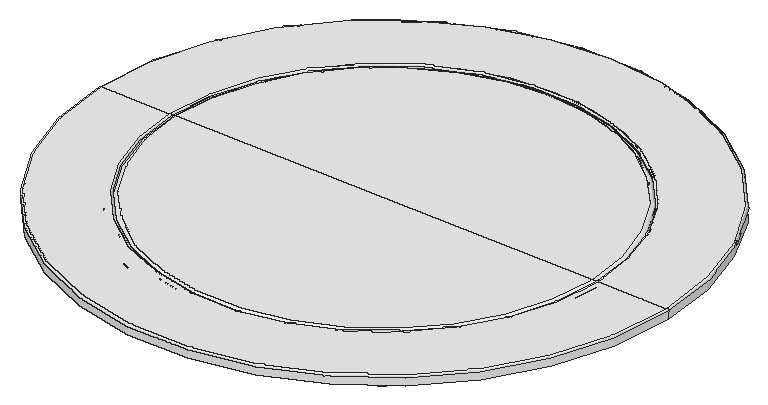
Revit family "HydroTap_Accessory_Zip_Font_Standalone", category Plumbing Fixtures, Revit 2018
Family settings
  Round Connector Dimension = Use Diameter
  Part Type = Normal
  OmniClass Number = 23.45.55.11
  OmniClass Title = Sanitary Components
  Work Plane-Based = Yes
  Always vertical = Yes
  Cut with Voids When Loaded = No
  Shared = No
  Room Calculation Point = No
Parameters (values of type "Brushed Chrome (Z01)")
  Waste Connection = yes
  Vent Connection = no
  Uniclass2015Version = "Products v1.17"
  Uniclass2015Title = "Instant boiling and cold water taps"
  Uniclass2015Code = "Pr_40_70_23_42"
  URL = "https://www.zipwater.com/"
  Type Comments = "Brushed Chrome Finish"
  ModifiedIssue = 20210406
  Model = "Z01"
  ManufacturerURLProductSpecific = "https://www.zipwater.com/shop/hydrotap-accessories"
  ManufacturerSpecCode = "93441Z01"
  ManufacturerOverallWidth = 176 mm  # constant formula
  ManufacturerOverallHeight = 52 mm  # constant formula
  ManufacturerOverallDepth = 176 mm  # constant formula
  ManufacturerHeightFromFFL [instance] = 0 mm
  Manufacturer = "Zip Australia"
  IfcExportType = "NOTDEFINED"
  IfcExportAs = "IfcWasteTerminal"
  HW Connection = no
  FixtureMaterial = Metal_BrushedChrome_Zip
  Description = "Standalone Font for Design Range Drinking Taps"
  Default Elevation = 0 mm
  CreatedBy = "IGS BIM Solutions"  # constant formula
  CreatedByURL = "https://igsgroup.com.au"
  CW Connection = no
Types (9, lengths in mm): name | Type Comments | Model | ManufacturerSpecCode | FixtureMaterial
  Matte White (Z14) | "Matte White Finish" | "Z14" | "93441Z14" | Metal_MatteWhite_Zip
  Brushed Stainless Steel (Z13) | "Brushed Stainless Steel Finish" | "Z13" | "93441Z13" | Metal_BrushedStainlessSteel_Zip
  Brushed Gold (Z07) | "Brushed Gold Finish" | "Z07" | "93441Z07" | Metal_BrushedGold_Zip
  Matte Black (Z03) | "Matte Black Finish" | "Z03" | "93441Z03" | Metal_MatteBlack_Zip
  Brushed Rose Gold (Z05) | "Brushed Rose Gold Finish" | "Z05" | "93441Z05" | Metal_BrushedRoseGold_Zip
  Chrome (Z00) | "Chrome Finish" | "Z00" | "93441Z00" | Metal_Chrome_Zip
  Gunmetal (Z09) | "Gunmetal Finish" | "Z09" | "93441Z09" | Metal_Gunmetal_Zip
  Brushed Nickel (Z11) | "Brushed Nickel Finish" | "Z11" | "93441Z11" | Metal_BrushedNickel_Zip
  Brushed Chrome (Z01) | "Brushed Chrome Finish" | "Z01" | "93441Z01" | Metal_BrushedChrome_Zip
Reference planes
  plane 1 "Ref. Level": z = 0
  plane 2 "Center (Left/Right)": x = 1
  plane 3 "Right": x = 89
  plane 4 "Left": x = -87
  plane 5 "Bottom": z = -49.244
  plane 6 "Top": z = 2.756
  plane 7 "Back": y = 103
  plane 8 "Center (Front/Back)": y = 15
  plane 9 "Front": y = -73
  plane 10 "Top of benchtop": z = 0
Forms (mm)
  Revolve 1, solid, material "Metal_BrushedChrome_Zip" <- "FixtureMaterial", detail levels fine
    sketch origin (0, 15, 0) x (-1, 0, 0) y (0, 0, 1)
      loop
        arc (87, 2.238) -> (86.848, 2.604) -> (86.482, 2.756) r 0.518
        line (86.482, 2.756) -> (65.186, 2.756)
        arc (65.186, 2.756) -> (64.832, 2.609) -> (64.686, 2.256) r 0.5
        line (64.686, 2.256) -> (64.686, 0.228)
        arc (64.686, 0.228) -> (64.492, -0.239) -> (64.025, -0.433) r 0.66
        line (64.025, -0.433) -> (54.875, -0.433)
        arc (54.875, -0.433) -> (34.072, -8.514) -> (12.214, -13.021) r 133.612
        arc (12.214, -13.021) -> (10.341, -13.802) -> (9.153, -15.446) r 3.733
        arc (9.153, -15.446) -> (8.93, -16.276) -> (8.855, -17.133) r 4.915
        line (8.855, -17.133) -> (8.855, -43.246) -> (9.918, -43.246) -> (9.918, -17.085)
        arc (9.918, -17.085) -> (10.424, -16.452) -> (11.179, -16.158) r 1.563
        arc (11.179, -16.158) -> (33.913, -11.683) -> (55.564, -3.431) r 136.611
        line (55.564, -3.431) -> (63.781, -3.431)
        arc (63.781, -3.431) -> (66.207, -2.426) -> (67.212, 0) r 3.431
        line (67.212, 0) -> (87, 0) -> (87, 2.238)
      axis (-1, 2.756) -> (-1, -43.246)
    angle from 0 to 360
  Revolve 2, solid, material "Metal_BrushedChrome_Zip" <- "FixtureMaterial", detail levels fine
    sketch origin (0, 15, 0) x (-1, 0, 0) y (0, 0, 1)
      loop
        line (-1, 2.656) -> (-65.366, 2.656)
        arc (-65.366, 2.656) -> (-66.644, 1.378) -> (-65.366, 0.1) r 1.278
        line (-65.366, 0.1) -> (-1, 0.1) -> (-1, 2.656)
      axis (-1, 2.656) -> (-1, 0.1)
    angle from 0 to 360
  Extrusion 3, solid, material "Metal_BrushedChrome_Zip" <- "FixtureMaterial", detail levels coarse+medium
    sketch origin (0, 0, 0) x (0, 1, 0) y (-1, 0, 0)
      loop
        circle (15, -1) r 88
    from 0 to 2.756
  Revolve 4, solid, material "Metal_BrushedChrome_Zip" <- "FixtureMaterial", detail levels coarse+medium
    sketch origin (0, 15, 0) x (-1, 0, 0) y (0, 0, 1)
      loop
        line (67.212, -3.431) -> (67.212, 0) -> (-1, 0) -> (-1, -43.246) -> (9.918, -43.246) -> (9.918, -16.291)
        arc (9.918, -16.291) -> (33.303, -11.857) -> (55.564, -3.431) r 136.611
        line (55.564, -3.431) -> (67.212, -3.431)
      axis (-1, 0) -> (-1, -43.246)
    angle from 0 to 360
Lines and regions (mm)
  Masking region 1
    outline origin (0, 0, 2.756) x (0, 1, 0) y (-1, 0, 0)
      loop
        circle (15, -1) r 88
  symbolic lines, style "Taps/Mixers", detail levels medium+fine
    curve 1: circle (1, 15, 2.756) r 65.635 normal (0, 0, 1)
  model lines, style "Taps/Mixers", detail levels coarse+medium
    curve 2: circle (1, 15, 2.756) r 65.635 normal (0, 0, 1)
Text (mm)
  text "Disclaimer:\nDue to ongoing product development and manufacturing evolution, product details are subject to change without notice. Please refer to product technical data sheets on the manufacturers website for the most current product information. Please allow a +/- 5mm manufacturing tolerance for dimensions and set-outs shown in product literature." at (317.1, 105.332, 0), in view "Ref. Level_Instruction"
Dimensions and locks
  "ManufacturerHeightFromFFL": plane 10 "Top of benchtop" to plane 1 "Ref. Level"
  "ManufacturerOverallWidth": plane 4 "Left" to plane 3 "Right"
  "ManufacturerOverallDepth": plane 7 "Back" to plane 9 "Front"
  equal spacing: plane 4 "Left", plane 2 "Center (Left/Right)", plane 3 "Right"
  equal spacing: plane 7 "Back", plane 8 "Center (Front/Back)", plane 9 "Front"
  "ManufacturerOverallHeight": plane 6 "Top" to plane 5 "Bottom"
  locked: plane 6 "Top" to plane 10 "Top of benchtop" at 2.756
  aligned and locked: plane 6 "Top" to Extrusion 3
  aligned and locked: plane 2 "Center (Left/Right)" to Revolve 4 sketch curve  (x2)
  aligned and locked: plane 10 "Top of benchtop" to Revolve 4 sketch curve
Automatic sketch dimensions
  Revolve 2 sketch curve to plane 2 "Center (Left/Right)" = 0 mm  (x2)
  Revolve 2 sketch curve to plane 6 "Top" = 0.1 mm
  plane 3 "Right" to Revolve 2 sketch curve = 23.634 mm
  Revolve 2 sketch curve to Revolve 2 sketch curve = 1.278 mm
  Revolve 2 sketch curve to plane 5 "Bottom" = 10.902 mm
  plane 6 "Top" to Revolve 2 sketch curve = 2.098 mm
  Masking region 1 sketch curve to Masking region 1 sketch curve = 0 mm  (x2)
  Masking region 1 sketch curve to plane 3 "Right" = 0 mm
  Masking region 1 sketch curve to plane 8 "Center (Front/Back)" = 0 mm
  Masking region 1 sketch curve to plane 2 "Center (Left/Right)" = 0 mm
  Revolve 1 sketch curve to plane 2 "Center (Left/Right)" = 0 mm
  Revolve 1 sketch curve to plane 10 "Top of benchtop" = 0 mm
  Revolve 1 sketch curve to plane 6 "Top" = 0 mm
  plane 4 "Left" to Revolve 1 sketch curve = 0 mm
  plane 2 "Center (Left/Right)" to Revolve 1 sketch curve = 2.742 mm
  Revolve 1 sketch curve to Revolve 1 sketch curve = 0 mm  (x2)
  Revolve 1 sketch curve to plane 2 "Center (Left/Right)" = 9.855 mm
  Revolve 1 sketch curve to Revolve 1 sketch curve = 1.063 mm
  Revolve 1 sketch curve to Revolve 1 sketch curve = 1.432 mm
  Revolve 1 sketch curve to Revolve 1 sketch curve = 1.31 mm
  Revolve 1 sketch curve to Revolve 1 sketch curve = 1.111 mm
  Revolve 1 sketch curve to plane 10 "Top of benchtop" = 0.433 mm
  Revolve 1 sketch curve to plane 4 "Left" = 32.125 mm
  Revolve 1 sketch curve to Revolve 1 sketch curve = 0.689 mm
  Revolve 1 sketch curve to plane 10 "Top of benchtop" = 3.431 mm
  Revolve 1 sketch curve to Revolve 1 sketch curve = 8.217 mm
  Revolve 1 sketch curve to Revolve 1 sketch curve = 0.244 mm
  Revolve 1 sketch curve to plane 6 "Top" = 0.5 mm
  Revolve 1 sketch curve to Revolve 1 sketch curve = 0.66 mm
  Revolve 1 sketch curve to plane 4 "Left" = 0.518 mm
  Revolve 1 sketch curve to plane 10 "Top of benchtop" = 16.727 mm
  Revolve 1 sketch curve to Revolve 1 sketch curve = 0.359 mm
  Revolve 1 sketch curve to Revolve 1 sketch curve = 0.047 mm
  Revolve 1 sketch curve to Revolve 1 sketch curve = 0.626 mm
  plane 5 "Bottom" to Revolve 1 sketch curve = 5.998 mm
  plane 6 "Top" to Revolve 1 sketch curve = 116.879 mm
  Revolve 1 sketch curve to Revolve 1 sketch curve = 0.001 mm
  Revolve 1 sketch curve to level = 132.9 mm
  Revolve 1 sketch curve to Revolve 1 sketch curve = 131.339 mm
  Extrusion 3 sketch curve to plane 2 "Center (Left/Right)" = 0 mm
  Extrusion 3 sketch curve to plane 8 "Center (Front/Back)" = 0 mm
  curve 1 to curve 2 = 0 mm  (x2)
  curve 2 to plane 2 "Center (Left/Right)" = 0 mm
  curve 2 to plane 8 "Center (Front/Back)" = 0 mm
  plane 2 "Center (Left/Right)" to Revolve 4 sketch curve = 2.742 mm
  Revolve 4 sketch curve to plane 2 "Center (Left/Right)" = 10.918 mm
  Revolve 4 sketch curve to plane 10 "Top of benchtop" = 3.431 mm
  Revolve 4 sketch curve to plane 4 "Left" = 31.436 mm
  Revolve 4 sketch curve to Revolve 4 sketch curve = 11.649 mm
  Revolve 4 sketch curve to Revolve 4 sketch curve = 16.291 mm
  plane 5 "Bottom" to Revolve 4 sketch curve = 5.998 mm
  Revolve 4 sketch curve to plane 5 "Bottom" = 61.664 mm
  Revolve 4 sketch curve to Revolve 4 sketch curve = 13.313 mm
  radius of Extrusion 3 sketch curve = 88 mm
  radius of curve 1 = 65.635 mm
  radius of curve 2 = 65.635 mm
